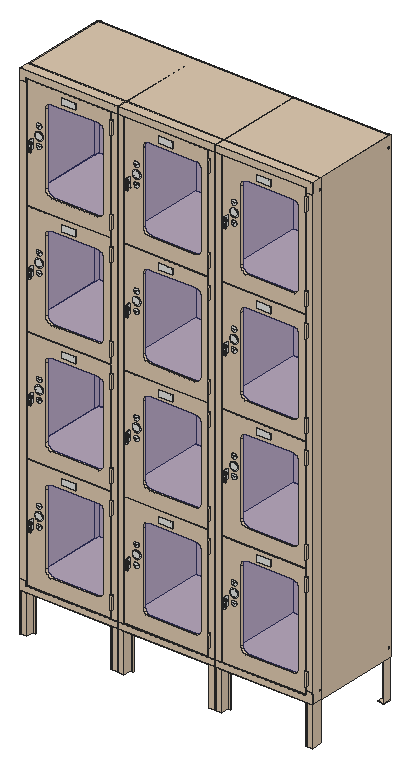
Revit family "Metal_See_Through_Lockers-Salsbury_Industries-S_54000_Series-3_Wide_Units", category Specialty Equipment, Revit 2016 (continued)
Definition of nested family "Metal Locker Legs - 3 Wide"
  Forms (in)
    Extrusion 8, solid, material <- "Primary Structure Material", visible <- "Visible"
      sketch origin (24.04, 0, 0) x (0, -1, 0) y (1, 0, 0)
        loop
          line (5.917, -16.53333) -> (7.505, -16.53333) -> (7.505, -15.53333) -> (6.32, -15.53333) -> (6.32, -15.09333) -> (6.26, -15.09333) -> (6.26, -15.59333) -> (7.445, -15.59333) -> (7.445, -16.47333) -> (5.917, -16.47333) -> (5.917, -16.53333)
      from 0 to 6
    Extrusion 9, solid, material <- "Primary Structure Material", visible <- "Visible"
      sketch origin (-12, 0, 0) x (0, -1, 0) y (1, 0, 0)
        loop
          line (5.917, 19.50667) -> (5.917, 19.44667) -> (7.445, 19.44667) -> (7.445, 18.56667) -> (6.26, 18.56667) -> (6.26, 18.06667) -> (6.32, 18.06667) -> (6.32, 18.50667) -> (7.505, 18.50667) -> (7.505, 19.50667) -> (5.917, 19.50667)
      from 0 to 6
    Extrusion 10, solid, material <- "Primary Structure Material", visible <- "Visible"
      sketch origin (-24.04, 0, 0) x (0, -1, 0) y (1, 0, 0)
        loop
          line (5.917, 16.53333) -> (5.917, 16.47333) -> (7.445, 16.47333) -> (7.445, 15.59333) -> (6.26, 15.59333) -> (6.26, 15.09333) -> (6.32, 15.09333) -> (6.32, 15.53333) -> (7.505, 15.53333) -> (7.505, 16.53333) -> (5.917, 16.53333)
      from 0 to 6
  Dimensions and locks (in)
    equal spacing: plane 6 "Left Side of Unit", plane 3 "Center (Left/Right)", plane 7 "Right Side of Unit"
    "Width": plane 6 "Left Side of Unit" to plane 7 "Right Side of Unit"
    "Height": plane 5 "Bottom of Unit" to plane 4 "Floor"
    equal spacing: plane 9 "Front of Unit", plane 1 "Center (Front/Back)", plane 8 "Back of Unit"
    "Depth": plane 9 "Front of Unit" to plane 8 "Back of Unit"
    plane 12 "Top of back legs" to plane 5 "Bottom of Unit" = 0.185"
    plane 6 "Left Side of Unit" to plane 11 "Left Side of Door Opening" = 1.000"
    plane 10 "Right Side of Door Opening" to plane 7 "Right Side of Unit" = 1.000"
    locked: plane 9 "Front of Unit" to plane 13 "Back Edge of Front Facing" at 1.588
    plane 11 "Left Side of Door Opening" to plane 14 "Inside Edge of Front Leg" = 0.440"
    plane 15 "Inside Edge of Right Leg" to plane 10 "Right Side of Door Opening" = 0.440"
    plane 9 "Front of Unit" to plane 16 = 1.185"
    plane 15 "Inside Edge of Right Leg" to plane 21 "Inside Edge or Rear Right Leg" to plane 10 "Right Side of Door Opening" to plane 18 "Right Edge of Rear Right Leg" to plane 7 "Right Side of Unit" = 0.320", 0.120", 0.880", 0.120"
    plane 6 "Left Side of Unit" to plane 19 "Left Edge or Rear Left Leg" to plane 11 "Left Side of Door Opening" to plane 22 "Inside Edge or Left Rear Leg" to plane 14 "Inside Edge of Front Leg" = 0.120", 0.880", 0.120", 0.320"
    plane 20 to plane 17 "Back Edge of Rear Legs" to plane 8 "Back of Unit" = 1.000", 0.110"
    equal spacing: plane 6 "Left Side of Unit", plane 24, plane 23, plane 7 "Right Side of Unit"
    aligned and locked: level to plane 2
    aligned and locked: Extrusion 3 to Extrusion 4
    aligned and locked: Extrusion 6 to Extrusion 5
    aligned and locked: Extrusion 3 to plane 18 "Right Edge of Rear Right Leg"
    aligned and locked: Extrusion 3 to plane 17 "Back Edge of Rear Legs"
    aligned and locked: Extrusion 5 to plane 19 "Left Edge or Rear Left Leg"
    aligned and locked: plane 17 "Back Edge of Rear Legs" to Extrusion 5
    aligned and locked: plane 5 "Bottom of Unit" to Extrusion 2
    aligned and locked: Extrusion 1 to plane 5 "Bottom of Unit"
    aligned and locked: Extrusion 3 to plane 12 "Top of back legs"
    aligned and locked: plane 12 "Top of back legs" to Extrusion 5
  Automatic sketch dimensions
    plane 13 "Back Edge of Front Facing" to Extrusion 1 sketch curve = 0.000"
    Extrusion 1 sketch curve to plane 15 "Inside Edge of Right Leg" = 0.000"
    plane 16 to Extrusion 1 sketch curve = 0.000"
    Extrusion 1 sketch curve to plane 7 "Right Side of Unit" = 0.000"
    plane 9 "Front of Unit" to Extrusion 1 sketch curve = 0.000"
    Extrusion 1 sketch curve to plane 10 "Right Side of Door Opening" = 0.000"
    Extrusion 1 sketch curve to plane 16 = 0.060"
    Extrusion 1 sketch curve to plane 9 "Front of Unit" = 0.060"
    Extrusion 1 sketch curve to plane 10 "Right Side of Door Opening" = 0.060"
    plane 7 "Right Side of Unit" to Extrusion 1 sketch curve = 0.060"
    Extrusion 2 sketch curve to plane 13 "Back Edge of Front Facing" = 0.000"
    Extrusion 2 sketch curve to plane 14 "Inside Edge of Front Leg" = 0.000"
    Extrusion 2 sketch curve to plane 16 = 0.000"
    Extrusion 2 sketch curve to plane 6 "Left Side of Unit" = 0.000"
    Extrusion 2 sketch curve to plane 9 "Front of Unit" = 0.000"
    Extrusion 2 sketch curve to plane 11 "Left Side of Door Opening" = 0.000"
    plane 16 to Extrusion 2 sketch curve = 0.060"
    plane 9 "Front of Unit" to Extrusion 2 sketch curve = 0.060"
    Extrusion 2 sketch curve to plane 11 "Left Side of Door Opening" = 0.060"
    plane 6 "Left Side of Unit" to Extrusion 2 sketch curve = 0.060"
    plane 17 "Back Edge of Rear Legs" to Extrusion 3 sketch curve = 0.000"
    Extrusion 3 sketch curve to plane 21 "Inside Edge or Rear Right Leg" = 0.000"
    Extrusion 3 sketch curve to plane 18 "Right Edge of Rear Right Leg" = 0.000"
    plane 20 to Extrusion 3 sketch curve = 0.000"
    plane 17 "Back Edge of Rear Legs" to Extrusion 3 sketch curve = 0.060"
    plane 18 "Right Edge of Rear Right Leg" to Extrusion 3 sketch curve = 0.060"
    plane 17 "Back Edge of Rear Legs" to Extrusion 4 sketch curve = 0.000"
    Extrusion 4 sketch curve to plane 18 "Right Edge of Rear Right Leg" = 0.000"
    plane 20 to Extrusion 4 sketch curve = 0.000"
    Extrusion 4 sketch curve to plane 21 "Inside Edge or Rear Right Leg" = 0.000"
    Extrusion 5 sketch curve to plane 17 "Back Edge of Rear Legs" = 0.000"
    Extrusion 5 sketch curve to plane 22 "Inside Edge or Left Rear Leg" = 0.000"
    Extrusion 5 sketch curve to plane 19 "Left Edge or Rear Left Leg" = 0.000"
    Extrusion 5 sketch curve to plane 20 = 0.000"
    Extrusion 5 sketch curve to plane 17 "Back Edge of Rear Legs" = 0.060"
    Extrusion 5 sketch curve to plane 19 "Left Edge or Rear Left Leg" = 0.060"
    Extrusion 6 sketch curve to plane 17 "Back Edge of Rear Legs" = 0.000"
    Extrusion 6 sketch curve to plane 19 "Left Edge or Rear Left Leg" = 0.000"
    Extrusion 6 sketch curve to plane 20 = 0.000"
    Extrusion 6 sketch curve to plane 22 "Inside Edge or Left Rear Leg" = 0.000"
    plane 13 "Back Edge of Front Facing" to Extrusion 7 sketch curve = 0.000"
    plane 16 to Extrusion 7 sketch curve = 0.000"
    plane 9 "Front of Unit" to Extrusion 7 sketch curve = 0.000"
    Extrusion 7 sketch curve to plane 24 = 0.000"
    plane 16 to Extrusion 7 sketch curve = 0.060"
    plane 9 "Front of Unit" to Extrusion 7 sketch curve = 0.060"
    plane 24 to Extrusion 7 sketch curve = 0.060"
    plane 24 to Extrusion 7 sketch curve = 0.940"
    Extrusion 7 sketch curve to Extrusion 7 sketch curve = 0.060"
    Extrusion 7 sketch curve to Extrusion 7 sketch curve = 0.440"
    plane 13 "Back Edge of Front Facing" to Extrusion 8 sketch curve = 0.000"
    plane 16 to Extrusion 8 sketch curve = 0.000"
    plane 9 "Front of Unit" to Extrusion 8 sketch curve = 0.000"
    Extrusion 8 sketch curve to plane 23 = 0.000"
    plane 16 to Extrusion 8 sketch curve = 0.060"
    plane 9 "Front of Unit" to Extrusion 8 sketch curve = 0.060"
    plane 23 to Extrusion 8 sketch curve = 0.060"
    plane 23 to Extrusion 8 sketch curve = 0.940"
    Extrusion 8 sketch curve to Extrusion 8 sketch curve = 0.060"
    Extrusion 8 sketch curve to Extrusion 8 sketch curve = 0.440"
    plane 13 "Back Edge of Front Facing" to Extrusion 9 sketch curve = 0.000"
    plane 16 to Extrusion 9 sketch curve = 0.000"
    plane 9 "Front of Unit" to Extrusion 9 sketch curve = 0.000"
    Extrusion 9 sketch curve to plane 23 = 0.000"
    Extrusion 9 sketch curve to plane 16 = 0.060"
    Extrusion 9 sketch curve to plane 9 "Front of Unit" = 0.060"
    plane 23 to Extrusion 9 sketch curve = 0.060"
    plane 23 to Extrusion 9 sketch curve = 0.940"
    Extrusion 9 sketch curve to Extrusion 9 sketch curve = 0.060"
    Extrusion 9 sketch curve to Extrusion 9 sketch curve = 0.440"
    plane 13 "Back Edge of Front Facing" to Extrusion 10 sketch curve = 0.000"
    plane 16 to Extrusion 10 sketch curve = 0.000"
    plane 9 "Front of Unit" to Extrusion 10 sketch curve = 0.000"
    Extrusion 10 sketch curve to plane 24 = 0.000"
    Extrusion 10 sketch curve to plane 16 = 0.060"
    Extrusion 10 sketch curve to plane 9 "Front of Unit" = 0.060"
    plane 24 to Extrusion 10 sketch curve = 0.060"
    plane 24 to Extrusion 10 sketch curve = 0.940"
    Extrusion 10 sketch curve to Extrusion 10 sketch curve = 0.060"
    Extrusion 10 sketch curve to Extrusion 10 sketch curve = 0.440"
Definition of nested family "See-Through Metal Locker Doors-15 inch with Latch Hasps"
  Parameters (values of type "Four Tier Door - 6 foot")
    Window Panel = none
    Window Height = 13.000"
    Width = 12.901"
    Visible = yes
    Primary Structure Material = none
    Top of Window Vertical Alignment = 2.180"
    Number Plate Alignment = 0.738"
    Window Width = 9.000"
    Hinge 2 Placement = 14.142"
    Hinge 1 Placement = 1.125"
    Height = 17.360"
    Hasp Plate Rivet Material = none
    Hasp Height = 1.438"
    Depth = 0.350"
  Reference planes (in)
    plane 1 "Center (Front/Back)": y = 0
    plane 2 "Bottom of Door": z = 0
    plane 3 "Center (Left/Right)": x = 0
    plane 4 "Center (Top/Bottom)": z = 8.68
    plane 5 "Top of Door": z = 17.36
    plane 6 "Right Side of Door": x = 6.4505
    plane 7 "Left Side of Door": x = -6.4505
    plane 8 "Front of Door": y = -0.175
    plane 9 "Back of Door": y = 0.175
    plane 10 "Top of Number Plate": z = 16.622
    plane 11 "Top of Window Cut Out": z = 15.18
    plane 12 "Bottom of Window Cut Out": z = 2.18
    plane 13 "Top of Hasp Alignment": z = 9.399
    plane 14 "Bottom of Hasp Alignment": z = 7.961
    plane 15 "Left Side of Window Cut Out": x = -3.5495
    plane 16 "Right Side of Window Cut Out": x = 5.4505
    plane 17 "Front of Louvers": y = -0.3625
    plane 18: z = 15.622
    plane 19 "Center Hasp": x = -1.7755
    plane 20 "Top of Hinge 2": z = 3.218
    plane 21 "Top of Hinge 1": z = 16.235
    plane 22 "Left Hasp Hole Align": x = -5.763
    plane 23 "Right Hasp Hole Align": x = -5.513
    plane 24 "Center Hasp Stud Align": z = 10.09841
    plane 25 "Top Hasp Stud Align": z = 11.51682
    plane 26 "Vertical Hasp Stud Align": x = -4.576
    plane 27 "Vertical Center Hasp Align": x = -5.63777
    plane 28 "Center of Window": x = 0.9505
    plane 29: z = 15.18
    plane 30: z = 14.18
    plane 31: z = 2.18
    plane 32: z = 3.18
    plane 33: x = -3.5495
    plane 34: x = -2.5495
    plane 35: x = 4.4505
    plane 36: x = 5.4505
    plane 37 "Left Side of Window": x = -3.7995
    plane 38 "Right Side of Window": x = 5.7005
    plane 39 "Bottom of Window": z = 1.93
    plane 40 "Top of Window": z = 15.43
    plane 41: x = -5.26277
    plane 42: x = -5.70027
  Forms (in)
    Extrusion 1, solid, material <- "Primary Structure Material", visible <- "Visible"
      sketch origin (0, 0, 0) x (1, 0, 0) y (0, 0, 1)
        loop
          line (-6.4505, 17.36) -> (-6.4505, 0) -> (6.4505, 0) -> (6.4505, 17.36) -> (-6.4505, 17.36)
        loop
          line (-3.5495, 14.18) -> (-3.5495, 3.18)
          arc (-3.5495, 3.18) -> (-3.25661, 2.47289) -> (-2.5495, 2.18) r 1
          line (-2.5495, 2.18) -> (4.4505, 2.18)
          arc (4.4505, 2.18) -> (5.15761, 2.47289) -> (5.4505, 3.18) r 1
          line (5.4505, 3.18) -> (5.4505, 14.18)
          arc (5.4505, 14.18) -> (5.15761, 14.88711) -> (4.4505, 15.18) r 1
          line (4.4505, 15.18) -> (-2.5495, 15.18)
          arc (-2.5495, 15.18) -> (-3.25661, 14.88711) -> (-3.5495, 14.18) r 1
      from -0.175 to 0.175
    Extrusion 2, solid, material <- "Primary Structure Material", visible <- "Visible", detail levels fine
      sketch origin (0, 0, 16.235) x (0, -1, 0) y (1, 0, 0)
        loop
          line (0.175, 6.4505) -> (0.3, 6.4505)
          arc (0.3, 6.4505) -> (0.425, 6.5755) -> (0.3, 6.7005) r 0.125
          line (0.3, 6.7005) -> (0.175, 6.7005) -> (0.175, 6.4505)
      from 0 to -2
    Extrusion 3, solid, material <- "Primary Structure Material", visible <- "Visible", detail levels fine
      sketch origin (0, 0, 3.218) x (0, -1, 0) y (1, 0, 0)
        loop
          line (0.175, 6.4505) -> (0.3, 6.4505)
          arc (0.3, 6.4505) -> (0.425, 6.5755) -> (0.3, 6.7005) r 0.125
          line (0.3, 6.7005) -> (0.175, 6.7005) -> (0.175, 6.4505)
      from 0 to -2
    Extrusion 4, void
      sketch origin (0, -0.175, 0) x (1, 0, 0) y (0, 0, 1)
        loop
          line (-5.763, 9.399) -> (-5.763, 7.961) -> (-5.513, 7.961) -> (-5.513, 9.399) -> (-5.763, 9.399)
      from -0.9 to 0
    Blend 5, solid, material <- "Hasp Plate Rivet Material", visible <- "Visible", detail levels medium+fine
      base sketch origin (0, -0.175, 0) x (1, 0, 0) y (0, 0, 1)
        loop
          circle (-4.576, 8.68) r 0.375
      top sketch origin (0, -0.175, 0) x (1, 0, 0) y (0, 0, 1)
        loop
          circle (-4.576, 8.68) r 0.09706
      from 0 to 0.03497
    Blend 6, solid, material <- "Hasp Plate Rivet Material", visible <- "Visible", detail levels medium+fine
      base sketch origin (0, -0.175, 2.83682) x (1, 0, 0) y (0, 0, 1)
        loop
          circle (-4.576, 8.68) r 0.375
      top sketch origin (0, -0.175, 2.83682) x (1, 0, 0) y (0, 0, 1)
        loop
          circle (-4.576, 8.68) r 0.09706
      from 0 to 0.03497
    Blend 7, solid, material <- "Hasp Plate Rivet Material", visible <- "Visible", detail levels medium+fine
      base sketch origin (0, -0.175, -0.16841) x (1, 0, 0) y (0, 0, 1)
        loop
          circle (-4.576, 10.26682) r 0.625
      top sketch origin (0, -0.175, -0.16841) x (1, 0, 0) y (0, 0, 1)
        loop
          circle (-4.576, 10.26682) r 0.58088
      from 0 to 0.03497
    Extrusion 8, solid, material <- "Hasp Plate Rivet Material", visible <- "Visible", detail levels medium+fine
      sketch origin (0, 0, 7.961) x (0, -1, 0) y (1, 0, 0)
        loop
          line (-0.175, -5.57527) -> (-0.175, -5.63777) -> (0.925, -5.63777)
          arc (0.925, -5.63777) -> (0.96919, -5.61946) -> (0.9875, -5.57527) r 0.0625
          line (0.9875, -5.57527) -> (0.9875, -5.26277) -> (0.93079, -5.26277) -> (0.93079, -5.5127)
          arc (0.93079, -5.5127) -> (0.91246, -5.55694) -> (0.86822, -5.57527) r 0.06257
          line (0.86822, -5.57527) -> (-0.175, -5.57527)
      from 0 to 1.438
    Extrusion 9, solid, material <- "Hasp Plate Rivet Material", visible <- "Visible", detail levels medium+fine
      sketch origin (0, 0, 7.961) x (0, -1, 0) y (1, 0, 0)
        loop
          line (-0.175, -5.70027) -> (0.9875, -5.70027) -> (0.9875, -5.63777) -> (-0.175, -5.63777) -> (-0.175, -5.70027)
      from 0 to 1.438
    Extrusion 10, void
      sketch origin (-5.513, 0, 0) x (0, 0, -1) y (0, -1, 0)
        loop
          circle (-8.68, 0.54719) r 0.375
      from 0 to 0.25
    Extrusion 11, solid, material <- "Window Panel"
      sketch origin (0, 0.175, 0) x (1, 0, 0) y (0, 0, 1)
        loop
          line (-3.7995, 15.43) -> (-3.7995, 1.93) -> (5.7005, 1.93) -> (5.7005, 15.43) -> (-3.7995, 15.43)
      from 0 to -0.25
    Extrusion 12, solid, material <- "Hasp Plate Rivet Material", detail levels medium+fine
      sketch origin (0, -0.175, 0) x (1, 0, 0) y (0, 0, 1)
        loop
          arc (-1.10309, 16.58622) -> (-1.12922, 16.12349) -> (-1.10309, 15.66075) r 4.11054
          arc (-1.10309, 15.66075) -> (-0.03462, 15.622) -> (1.03385, 15.66075) r 14.75
          arc (1.03385, 15.66075) -> (1.05998, 16.12349) -> (1.03385, 16.58622) r 4.11054
          arc (1.03385, 16.58622) -> (-0.03462, 16.6263) -> (-1.10309, 16.58622) r 14.26256
      from 0 to 0.03497
  Cuts and joins
    Extrusion 4 cuts Extrusion 1
    Extrusion 10 cuts Extrusion 8
    Extrusion 10 cuts Extrusion 9
  Lines and regions (in)
    symbolic lines
      curve 1: line (-6.4505, 0.175, 17.36) -> (6.4505, 0.175, 17.36)
      curve 2: line (-6.4505, 0.175, 0) -> (-6.4505, 0.175, 17.36)
      curve 3: line (6.4505, 0.175, 0) -> (-6.4505, 0.175, 0)
      curve 4: line (6.4505, 0.175, 17.36) -> (6.4505, 0.175, 0)
      curve 5: line (-2.5495, 0.175, 15.18) -> (4.4505, 0.175, 15.18)
      curve 6: line (5.4505, 0.175, 14.18) -> (5.4505, 0.175, 3.18)
      curve 7: line (4.4505, 0.175, 2.18) -> (-2.5495, 0.175, 2.18)
      curve 8: line (-3.5495, 0.175, 3.18) -> (-3.5495, 0.175, 14.18)
      curve 9: arc (-2.5495, 0.175, 2.18) -> (-3.25661, 0.175, 2.47289) -> (-3.5495, 0.175, 3.18) r 1
      curve 10: arc (4.4505, 0.175, 2.18) -> (5.15761, 0.175, 2.47289) -> (5.4505, 0.175, 3.18) r 1
      curve 11: arc (5.4505, 0.175, 14.18) -> (5.15761, 0.175, 14.88711) -> (4.4505, 0.175, 15.18) r 1
      curve 12: arc (-3.5495, 0.175, 14.18) -> (-3.25661, 0.175, 14.88711) -> (-2.5495, 0.175, 15.18) r 1
      curve 13: circle (-4.576, 0.175, 11.51682) r 0.375 normal (0, -1, 0)
      curve 14: circle (-4.576, 0.175, 8.68) r 0.375 normal (0, -1, 0)
      curve 15: circle (-4.576, 0.175, 10.09841) r 0.625 normal (0, -1, 0)
      curve 16: line (-5.763, 0.175, 9.399) -> (-5.26277, 0.175, 9.399)
      curve 17: line (-5.763, 0.175, 7.961) -> (-5.763, 0.175, 9.399)
      curve 18: line (-5.26277, 0.175, 7.961) -> (-5.763, 0.175, 7.961)
      curve 19: line (-5.26277, 0.175, 9.399) -> (-5.26277, 0.175, 7.961)
      curve 20: line (-5.70027, 0.175, 9.399) -> (-5.70027, 0.175, 7.961)
      curve 21: line (-5.70027, -0.175, 0) -> (-5.63777, -0.175, 0)
      curve 22: line (-5.70027, -0.9875, 0) -> (-5.70027, -0.175, 0)
      curve 23: line (-5.63777, -0.9875, 0) -> (-5.70027, -0.9875, 0)
      curve 24: line (-5.63777, -0.175, 0) -> (-5.63777, -0.9875, 0)
      curve 25: line (-5.57527, -0.17219, 0) -> (-5.57527, -0.86822, 0)
      curve 26: line (-5.5127, -0.93079, 0) -> (-5.26277, -0.93079, 0)
      curve 27: line (-5.26277, -0.93079, 0) -> (-5.26277, -0.9875, 0)
      curve 28: line (-5.26277, -0.9875, 0) -> (-5.57527, -0.9875, 0)
      curve 29: arc (-5.5127, -0.93079, 0) -> (-5.55694, -0.91246, 0) -> (-5.57527, -0.86822, 0) r 0.06257
      curve 30: arc (-5.57527, -0.9875, 0) -> (-5.61946, -0.96919, 0) -> (-5.63777, -0.925, 0) r 0.0625
      curve 31: line (-5.513, -0.9875, 9.399) -> (-5.513, -0.175, 9.399)
      curve 32: line (-5.513, -0.9875, 7.961) -> (-5.513, -0.9875, 9.399)
      curve 33: line (-5.513, -0.175, 7.961) -> (-5.513, -0.9875, 7.961)
      curve 34: line (-5.513, -0.175, 9.399) -> (-5.513, -0.175, 7.961)
      curve 35: circle (-5.513, -0.54225, 8.68) r 0.37994 normal (-1, 0, 0)
  Dimensions and locks (in)
    equal spacing: plane 5 "Top of Door", plane 4 "Center (Top/Bottom)", plane 2 "Bottom of Door"
    "Height": plane 5 "Top of Door" to plane 2 "Bottom of Door"
    equal spacing: plane 8 "Front of Door", plane 1 "Center (Front/Back)", plane 9 "Back of Door"
    "Depth": plane 8 "Front of Door" to plane 9 "Back of Door"
    equal spacing: plane 7 "Left Side of Door", plane 3 "Center (Left/Right)", plane 6 "Right Side of Door"
    "Width": plane 7 "Left Side of Door" to plane 6 "Right Side of Door"
    "Number Plate Alignment": plane 5 "Top of Door" to plane 10 "Top of Number Plate" to plane 18
    "Window Width": plane 15 "Left Side of Window Cut Out" to plane 16 "Right Side of Window Cut Out"
    "Top of Window Vertical Alignment": plane 5 "Top of Door" to plane 11 "Top of Window Cut Out"
    "Window Height": plane 11 "Top of Window Cut Out" to plane 12 "Bottom of Window Cut Out"
    plane 25 "Top Hasp Stud Align" to plane 24 "Center Hasp Stud Align" to plane 13 "Top of Hasp Alignment" to plane 4 "Center (Top/Bottom)" to plane 14 "Bottom of Hasp Alignment" = 1.41841", 0.69941", 0.719", 0.719"
    "Hasp Height": plane 13 "Top of Hasp Alignment" to plane 14 "Bottom of Hasp Alignment"
    locked: plane 17 "Front of Louvers" to plane 8 "Front of Door" at 0.1875
    "Hinge 1 Placement": plane 5 "Top of Door" to plane 21 "Top of Hinge 1"
    "Hinge 2 Placement": plane 5 "Top of Door" to plane 20 "Top of Hinge 2"
    plane 7 "Left Side of Door" to plane 22 "Left Hasp Hole Align" to plane 23 "Right Hasp Hole Align" to plane 26 "Vertical Hasp Stud Align" = 0.6875" locked, 0.250" locked, 0.937" locked
    equal spacing: plane 15 "Left Side of Window Cut Out", plane 28 "Center of Window", plane 16 "Right Side of Window Cut Out"
    locked: plane 16 "Right Side of Window Cut Out" to plane 6 "Right Side of Door" at 1
    plane 32 to plane 31 = 1.000"
    plane 29 to plane 30 = 1.000"
    plane 33 to plane 34 = 1.000"
    plane 35 to plane 36 = 1.000"
    locked: plane 12 "Bottom of Window Cut Out" to plane 39 "Bottom of Window" at 0.25
    locked: plane 37 "Left Side of Window" to plane 15 "Left Side of Window Cut Out" at 0.25
    locked: plane 16 "Right Side of Window Cut Out" to plane 38 "Right Side of Window" at 0.25
    locked: plane 40 "Top of Window" to plane 11 "Top of Window Cut Out" at 0.25
    plane 23 "Right Hasp Hole Align" to plane 41 = 0.25023"
    plane 22 "Left Hasp Hole Align" to plane 42 = 0.06273"
    plane 22 "Left Hasp Hole Align" to plane 27 "Vertical Center Hasp Align" = 0.12523"
    aligned and locked: level to plane 2 "Bottom of Door"
    aligned and locked: plane 5 "Top of Door" to Extrusion 1 sketch curve
    aligned and locked: Extrusion 1 sketch curve to plane 7 "Left Side of Door"
    aligned and locked: plane 2 "Bottom of Door" to Extrusion 1 sketch curve
    aligned and locked: plane 6 "Right Side of Door" to Extrusion 1 sketch curve
    aligned and locked: plane 13 "Top of Hasp Alignment" to Extrusion 4 sketch curve
    aligned and locked: Extrusion 4 sketch curve to plane 22 "Left Hasp Hole Align"
    aligned and locked: Extrusion 4 sketch curve to plane 14 "Bottom of Hasp Alignment"
    aligned and locked: plane 23 "Right Hasp Hole Align" to Extrusion 4 sketch curve
    aligned and locked: plane 25 "Top Hasp Stud Align" to Blend 6 sketch curve  (x2)
    aligned and locked: plane 4 "Center (Top/Bottom)" to Blend 5 sketch curve  (x2)
    aligned and locked: plane 24 "Center Hasp Stud Align" to Blend 7 sketch curve  (x2)
    aligned and locked: plane 27 "Vertical Center Hasp Align" to Extrusion 9 sketch curve
    aligned and locked: plane 27 "Vertical Center Hasp Align" to Extrusion 8 sketch curve
    aligned and locked: plane 4 "Center (Top/Bottom)" to Extrusion 10 sketch curve
    aligned and locked: plane 11 "Top of Window Cut Out" to plane 29
    aligned and locked: plane 12 "Bottom of Window Cut Out" to plane 31
    aligned and locked: plane 16 "Right Side of Window Cut Out" to plane 36
    aligned and locked: plane 15 "Left Side of Window Cut Out" to plane 33
    aligned and locked: Extrusion 1 sketch curve to plane 29
    aligned and locked: Extrusion 1 sketch curve to plane 30
    aligned and locked: Extrusion 1 sketch curve to plane 33
    aligned and locked: Extrusion 1 sketch curve to plane 34
    aligned and locked: plane 29 to Extrusion 1 sketch curve
    aligned and locked: plane 30 to Extrusion 1 sketch curve
    aligned and locked: Extrusion 1 sketch curve to plane 36
    aligned and locked: Extrusion 1 sketch curve to plane 35
    aligned and locked: Extrusion 1 sketch curve to plane 31
    aligned and locked: Extrusion 1 sketch curve to plane 32
    aligned and locked: plane 33 to Extrusion 1 sketch curve
    aligned and locked: plane 34 to Extrusion 1 sketch curve
    aligned and locked: plane 31 to Extrusion 1 sketch curve
    aligned and locked: plane 32 to Extrusion 1 sketch curve
    aligned and locked: plane 36 to Extrusion 1 sketch curve
    aligned and locked: plane 35 to Extrusion 1 sketch curve
    aligned and locked: cut or joined group of Extrusion 1, Extrusion 4 to plane 8 "Front of Door"
    aligned and locked: cut or joined group of Extrusion 1, Extrusion 4 to plane 9 "Back of Door"
    aligned and locked: plane 41 to cut or joined group of Extrusion 8, Extrusion 10
    aligned and locked: plane 42 to cut or joined group of Extrusion 9, Extrusion 10
    aligned and locked: plane 6 "Right Side of Door" to curve 4
    aligned and locked: plane 2 "Bottom of Door" to curve 3
    aligned and locked: curve 2 to plane 7 "Left Side of Door"
    aligned and locked: plane 5 "Top of Door" to curve 1
    aligned and locked: plane 11 "Top of Window Cut Out" to curve 5
    aligned and locked: curve 8 to plane 15 "Left Side of Window Cut Out"
    aligned and locked: plane 16 "Right Side of Window Cut Out" to curve 6
    aligned and locked: curve 7 to plane 12 "Bottom of Window Cut Out"
    aligned and locked: plane 41 to curve 19
    aligned and locked: curve 17 to plane 22 "Left Hasp Hole Align"
    aligned and locked: plane 13 "Top of Hasp Alignment" to curve 16
    aligned and locked: curve 18 to plane 14 "Bottom of Hasp Alignment"
    aligned and locked: plane 13 "Top of Hasp Alignment" to curve 20
    aligned and locked: plane 14 "Bottom of Hasp Alignment" to curve 20
    aligned and locked: plane 42 to curve 20
    aligned and locked: plane 8 "Front of Door" to curve 21
    aligned and locked: curve 22 to plane 42
    aligned and locked: plane 27 "Vertical Center Hasp Align" to curve 24
    aligned and locked: curve 25 to cut or joined group of Extrusion 8, Extrusion 10
    aligned and locked: curve 26 to cut or joined group of Extrusion 8, Extrusion 10
    aligned and locked: curve 27 to cut or joined group of Extrusion 8, Extrusion 10
    aligned and locked: curve 28 to cut or joined group of Extrusion 8, Extrusion 10
    aligned and locked: curve 34 to plane 8 "Front of Door"
    aligned and locked: curve 32 to cut or joined group of Extrusion 8, Extrusion 10
    aligned and locked: plane 13 "Top of Hasp Alignment" to curve 31
    aligned and locked: curve 33 to plane 14 "Bottom of Hasp Alignment"
  Automatic sketch dimensions
    Extrusion 2 sketch curve to plane 6 "Right Side of Door" = 0.000"
    plane 8 "Front of Door" to Extrusion 2 sketch curve = 0.000"
    Extrusion 2 sketch curve to plane 17 "Front of Louvers" = 0.0625"
    Extrusion 2 sketch curve to plane 6 "Right Side of Door" = 0.125"
    Extrusion 3 sketch curve to plane 6 "Right Side of Door" = 0.000"
    plane 8 "Front of Door" to Extrusion 3 sketch curve = 0.000"
    Extrusion 3 sketch curve to plane 17 "Front of Louvers" = 0.0625"
    Extrusion 3 sketch curve to plane 6 "Right Side of Door" = 0.125"
    plane 26 "Vertical Hasp Stud Align" to Blend 5 sketch curve = 0.000"  (x2)
    plane 26 "Vertical Hasp Stud Align" to Blend 6 sketch curve = 0.000"  (x2)
    Extrusion 8 sketch curve to plane 1 "Center (Front/Back)" = 0.175"
    plane 23 "Right Hasp Hole Align" to Extrusion 8 sketch curve = 0.06227"
    Extrusion 8 sketch curve to plane 23 "Right Hasp Hole Align" = 0.0003"
    plane 17 "Front of Louvers" to Extrusion 8 sketch curve = 0.50572"
    Extrusion 8 sketch curve to Extrusion 8 sketch curve = 0.05678"
    Extrusion 8 sketch curve to Extrusion 8 sketch curve = 0.24993"
    plane 9 "Back of Door" to Extrusion 9 sketch curve = 0.000"
    plane 17 "Front of Louvers" to Extrusion 9 sketch curve = 0.625"
    Extrusion 9 sketch curve to plane 22 "Left Hasp Hole Align" = 0.06273"
    Extrusion 8 sketch curve to Extrusion 8 sketch curve = 0.06257"
    plane 17 "Front of Louvers" to Extrusion 10 sketch curve = 0.18469"
    plane 26 "Vertical Hasp Stud Align" to Blend 7 sketch curve = 0.000"  (x2)
    plane 37 "Left Side of Window" to Extrusion 11 sketch curve = 0.000"
    plane 38 "Right Side of Window" to Extrusion 11 sketch curve = 0.000"
    Extrusion 11 sketch curve to plane 39 "Bottom of Window" = 0.000"
    plane 40 "Top of Window" to Extrusion 11 sketch curve = 0.000"
    plane 21 "Top of Hinge 1" to Extrusion 12 sketch curve = 0.11151"  (x2)
    Extrusion 12 sketch curve to plane 15 "Left Side of Window Cut Out" = 0.49894"
    Extrusion 12 sketch curve to plane 3 "Center (Left/Right)" = 0.03462"  (x2)
    Extrusion 12 sketch curve to plane 28 "Center of Window" = 2.03082"
    Extrusion 12 sketch curve to plane 12 "Bottom of Window Cut Out" = 0.18374"
    Extrusion 12 sketch curve to plane 5 "Top of Door" = 13.012"
    plane 10 "Top of Number Plate" to Extrusion 12 sketch curve = 0.03578"  (x2)
    Extrusion 12 sketch curve to plane 19 "Center Hasp" = 0.67241"
    Extrusion 12 sketch curve to plane 18 = 0.03875"
    curve 14 to plane 4 "Center (Top/Bottom)" = 0.000"
    plane 26 "Vertical Hasp Stud Align" to curve 14 = 0.000"
    curve 13 to plane 25 "Top Hasp Stud Align" = 0.000"
    plane 26 "Vertical Hasp Stud Align" to curve 13 = 0.000"
    curve 15 to plane 24 "Center Hasp Stud Align" = 0.000"
    plane 26 "Vertical Hasp Stud Align" to curve 15 = 0.000"
    plane 19 "Center Hasp" to curve 12 = 0.774"
    plane 20 "Top of Hinge 2" to curve 9 = 0.038"
    plane 11 "Top of Window Cut Out" to curve 11 = 1.000"
    plane 20 "Top of Hinge 2" to curve 10 = 0.038"
    curve 30 to curve 29 = 0.000"
    curve 29 to plane 23 "Right Hasp Hole Align" = 0.0003"
    curve 22 to curve 28 = 0.000"
    curve 25 to plane 8 "Front of Door" = 0.00281"
    plane 4 "Center (Top/Bottom)" to curve 35 = 0.000"
    plane 17 "Front of Louvers" to curve 35 = 0.17975"
    radius of Blend 5 sketch curve = 0.375"
    radius of Blend 5 sketch curve = 0.09706"
    radius of Blend 6 sketch curve = 0.375"
    radius of Blend 6 sketch curve = 0.09706"
    radius of Extrusion 10 sketch curve = 0.375"
    radius of Blend 7 sketch curve = 0.625"
    radius of Blend 7 sketch curve = 0.58088"
    radius of curve 13 = 0.375"
    radius of curve 14 = 0.375"
    radius of curve 15 = 0.625"
    radius of curve 35 = 0.37994"
Definition of nested family "Metal Locker Front Base"
  Parameters (values of type "77745 - for 15" W Lockers with Legs")
    Width = 13.013"
    Visible [instance] = yes
    Version = "1.0 (11/30/15)"
    Type Comments = "Front Base for Standard Metal Lockers"
    Primary Structure Material = none
    Model = "77745"
    MasterFormat Title = ""
    MasterFormat Number = ""
    Manufacturer = "Salsbury Industries"
    Description = "Front Base for 15\" Wide Lockers"
    Depth = 1.185"
    Height = 6.000"
    Assembly Code = ""
  Types (3): name | Width | Visible | Model | Description
    77742 - for 12" W Lockers with Legs | 10.040" | yes | "77742" | "Front Base for 12\" Wide Lockers"
    77745 - for 15" W Lockers with Legs | 13.013" | yes | "77745" | "Front Base for 15\" Wide Lockers"
    None | 10.040" | no | "77742" | "Front Base for 12\" Wide Lockers"
  Reference planes (in)
    plane 1 "Center (Front/Back)": y = -5.417
    plane 2: z = 0
    plane 3 "Center (Left/Right)": x = 0
    plane 4 "Floor": z = 0
    plane 5 "Top of Enclosure": z = 6
    plane 6 "Front of Enclosure": y = -6.005
    plane 7 "Right Side of Enclosure": x = 6.5065
    plane 8 "Left Side of Enclosure": x = -6.5065
    plane 9 "Back of Enclosure": y = -4.82
  Forms (in)
    Extrusion 1, solid, material <- "Primary Structure Material", visible <- "Visible"
      sketch origin (0, -6.005, 0) x (1, 0, 0) y (0, 0, 1)
        loop
          line (-6.5065, 6) -> (-6.5065, 0) -> (6.5065, 0) -> (6.5065, 6) -> (-6.5065, 6)
      from -0.06 to 0
    Extrusion 2, solid, material <- "Primary Structure Material", visible <- "Visible"
      sketch origin (0, 0, 0) x (0, 1, 0) y (0, 0, 1)
        loop
          line (-5.945, 6) -> (-5.945, 5.94) -> (-4.82, 5.94) -> (-4.82, 6) -> (-5.945, 6)
      from -6.5065 to 6.5065
    Extrusion 3, solid, material <- "Primary Structure Material", visible <- "Visible"
      sketch origin (6.5065, 0, 0) x (0, 0, -1) y (0, -1, 0)
        loop
          line (-5.75, 5.945) -> (-5.75, 4.82) -> (-0.25, 4.82) -> (-0.25, 5.945) -> (-5.75, 5.945)
      from 0 to 0.06
    Extrusion 4, solid, material <- "Primary Structure Material", visible <- "Visible"
      sketch origin (-6.5065, 0, 0) x (0, 0, -1) y (0, -1, 0)
        loop
          line (-5.75, 5.945) -> (-5.75, 4.82) -> (-0.25, 4.82) -> (-0.25, 5.945) -> (-5.75, 5.945)
      from 0 to -0.06
  Dimensions and locks (in)
    "Height": plane 5 "Top of Enclosure" to plane 4 "Floor"
    plane 6 "Front of Enclosure" to plane 1 "Center (Front/Back)" = 0.588"
    "Depth": plane 6 "Front of Enclosure" to plane 9 "Back of Enclosure"
    equal spacing: plane 8 "Left Side of Enclosure", plane 3 "Center (Left/Right)", plane 7 "Right Side of Enclosure"
    "Width": plane 8 "Left Side of Enclosure" to plane 7 "Right Side of Enclosure"
    aligned and locked: level to plane 2
    aligned and locked: plane 8 "Left Side of Enclosure" to Extrusion 2
    aligned and locked: Extrusion 2 to plane 7 "Right Side of Enclosure"
    aligned and locked: Extrusion 1 to plane 7 "Right Side of Enclosure"
  Automatic sketch dimensions
    Extrusion 1 sketch curve to Extrusion 1 sketch curve = 13.013"
    Extrusion 1 sketch curve to Extrusion 1 sketch curve = 6.000"
    Extrusion 2 sketch curve to Extrusion 2 sketch curve = 1.125"
    Extrusion 2 sketch curve to Extrusion 2 sketch curve = 0.060"
    Extrusion 3 sketch curve to Extrusion 3 sketch curve = 5.500"
    Extrusion 3 sketch curve to Extrusion 3 sketch curve = 1.125"
    Extrusion 4 sketch curve to Extrusion 4 sketch curve = 5.500"
    Extrusion 4 sketch curve to Extrusion 4 sketch curve = 1.125"
    Extrusion 1 sketch curve to level = 0.000"
    plane 8 "Left Side of Enclosure" to Extrusion 1 sketch curve = 0.000"
    plane 5 "Top of Enclosure" to Extrusion 2 sketch curve = 0.000"
    Extrusion 2 sketch curve to plane 9 "Back of Enclosure" = 0.000"
    Extrusion 3 sketch curve to plane 9 "Back of Enclosure" = 0.000"
    plane 5 "Top of Enclosure" to Extrusion 3 sketch curve = 0.250"
    Extrusion 4 sketch curve to plane 9 "Back of Enclosure" = 0.000"
    plane 5 "Top of Enclosure" to Extrusion 4 sketch curve = 0.250"
Definition of nested family "Metal Locker Right Side Base"
  Parameters (values of type "77732 Right - for 12" D Lockers with Legs")
    Width including Rivet [instance] = 1.290"
    Visible = yes
    Primary Structure Material = none
    Depth = 10.422"
    Version = "1.0 (11/30/15)"
    Type Comments = "End Base for Standard Metal Lockers"
    Model = "77732"
    MasterFormat Title = ""
    MasterFormat Number = ""
    Manufacturer = "Salsbury Industries"
    Description = "1.25\"W x 6\" H x 10\"D"
    Width = 1.250"
    Height = 6.000"
    Assembly Code = ""
  Types (4): name | Visible | Depth | Model | Description
    77732 Right - for 12" D Lockers with Legs | yes | 10.422" | "77732" | "1.25\"W x 6\" H x 10\"D"
    77735 Right - for 15" D Lockers with Legs | yes | 13.422" | "77735" | "1.25\"W x 6\" H x 13\"D"
    77738 Right - for 18" D Lockers with Legs | yes | 16.422" | "77738" | "1.25\"W x 6\" H x 16\"D"
    None | no | 10.422" | "" | ""
  Reference planes (in)
    plane 1 "Center (Front/Back)": y = 0
    plane 2: z = 0
    plane 3 "Center (Left/Right)": x = 5.395
    plane 4 "Floor": z = 0
    plane 5 "Top of Enclosure": z = 6
    plane 6 "Left Side of Unit": x = 4.77
    plane 7 "Right Side of Unit": x = 6.02
    plane 8 "Left Edge of Enclosure": y = -5.211
    plane 9 "Right Edge of Enclosure": y = 5.211
    plane 10 "Left Edge of Insert": y = -6.27647
    plane 11 "Right Edge of Insert": y = -5.15147
    plane 12 "Rivet Edge": x = 6.06
  Forms (in)
    Extrusion 1, solid, material <- "Primary Structure Material", visible <- "Visible"
      sketch origin (6.02, 0, 0) x (0, 0, -1) y (0, -1, 0)
        loop
          line (-6, 5.211) -> (-6, -5.211) -> (0, -5.211) -> (0, 5.211) -> (-6, 5.211)
      from 0 to 0.06
    Extrusion 2, solid, material <- "Primary Structure Material", visible <- "Visible"
      sketch origin (0, 0, 6) x (0, -1, 0) y (1, 0, 0)
        loop
          line (5.15147, 5.96) -> (5.15147, 5.9) -> (6.27647, 5.9) -> (6.27647, 5.96) -> (5.15147, 5.96)
      from -6 to 0
    Extrusion 3, solid, material <- "Primary Structure Material", visible <- "Visible"
      sketch origin (6.02, 0, 0) x (0, 0, -1) y (0, -1, 0)
        loop
          line (-6, 4.90147) -> (-6, -3.961) -> (-5.94, -3.961) -> (-5.94, 4.90147) -> (-6, 4.90147)
      from 0.06 to 1.25
    Extrusion 4, solid, material <- "Primary Structure Material", visible <- "Visible"
      sketch origin (6.02, 0, -5.94) x (0, 0, -1) y (0, -1, 0)
        loop
          line (-6, 4.90147) -> (-6, -3.961) -> (-5.94, -3.961) -> (-5.94, 4.90147) -> (-6, 4.90147)
      from 0.06 to 1.25
  Dimensions and locks (in)
    "Height": plane 5 "Top of Enclosure" to plane 4 "Floor"
    plane 10 "Left Edge of Insert" to plane 8 "Left Edge of Enclosure" to plane 11 "Right Edge of Insert" = 1.06547" locked, 0.05953" locked
    equal spacing: plane 8 "Left Edge of Enclosure", plane 1 "Center (Front/Back)", plane 9 "Right Edge of Enclosure"
    "Depth": plane 8 "Left Edge of Enclosure" to plane 9 "Right Edge of Enclosure"
    equal spacing: plane 6 "Left Side of Unit", plane 3 "Center (Left/Right)", plane 7 "Right Side of Unit"
    "Width": plane 6 "Left Side of Unit" to plane 7 "Right Side of Unit"
    locked: plane 7 "Right Side of Unit" to plane 12 "Rivet Edge" at 0.04
    "Width including Rivet": plane 6 "Left Side of Unit" to plane 12 "Rivet Edge"
    aligned and locked: level to plane 2
    aligned and locked: plane 11 "Right Edge of Insert" to Extrusion 2
    aligned and locked: plane 10 "Left Edge of Insert" to Extrusion 2
    aligned and locked: Extrusion 3 to Extrusion 1
    aligned and locked: plane 6 "Left Side of Unit" to Extrusion 3
  Automatic sketch dimensions
    plane 5 "Top of Enclosure" to Extrusion 1 sketch curve = 0.000"
    Extrusion 1 sketch curve to level = 0.000"
    Extrusion 2 sketch curve to plane 8 "Left Edge of Enclosure" = 0.05953"
    plane 7 "Right Side of Unit" to Extrusion 2 sketch curve = 0.120"
    Extrusion 2 sketch curve to Extrusion 2 sketch curve = 0.060"
    Extrusion 1 sketch curve to plane 8 "Left Edge of Enclosure" = 0.000"
    Extrusion 1 sketch curve to plane 9 "Right Edge of Enclosure" = 0.000"
    plane 10 "Left Edge of Insert" to Extrusion 2 sketch curve = 0.000"
    plane 5 "Top of Enclosure" to Extrusion 3 sketch curve = 0.000"
    Extrusion 3 sketch curve to Extrusion 3 sketch curve = 0.060"
    plane 9 "Right Edge of Enclosure" to Extrusion 3 sketch curve = 1.250"
    Extrusion 3 sketch curve to plane 11 "Right Edge of Insert" = 0.250"
    Extrusion 4 sketch curve to level = 0.000"
    level to Extrusion 4 sketch curve = 0.060"
    plane 9 "Right Edge of Enclosure" to Extrusion 4 sketch curve = 1.250"
    Extrusion 4 sketch curve to plane 11 "Right Edge of Insert" = 0.250"
Definition of nested family "Metal Locker Left Side Base"
  Parameters (values of type "77732 Left - for 12" D Lockers with Legs")
    Width including Rivet [instance] = 1.290"
    Visible = yes
    Primary Structure Material = none
    Depth = 10.422"
    Version = "1.0 (11/30/15)"
    Type Comments = "End Base for Standard Metal Lockers"
    Model = "77732"
    MasterFormat Title = ""
    MasterFormat Number = ""
    Manufacturer = "Salsbury Industries"
    Description = "1.25\"W x 6\" H x 10\"D"
    Width = 1.250"
    Height = 6.000"
    Assembly Code = ""
  Types (4): name | Visible | Depth | Model | Description
    77732 Left - for 12" D Lockers with Legs | yes | 10.422" | "77732" | "1.25\"W x 6\" H x 10\"D"
    77735 Left - for 15" D Lockers with Legs | yes | 13.422" | "77735" | "1.25\"W x 6\" H x 13\"D"
    77738 Left - for 18" D Lockers with Legs | yes | 16.422" | "77738" | "1.25\"W x 6\" H x 16\"D"
    None | no | 10.422" | "" | ""
  Reference planes (in)
    plane 1 "Center (Front/Back)": y = 0
    plane 2: z = 0
    plane 3 "Center (Left/Right)": x = 5.395
    plane 4 "Floor": z = 0
    plane 5 "Top of Enclosure": z = 6
    plane 6 "Left Side of Unit": x = 4.77
    plane 7 "Right Side of Unit": x = 6.02
    plane 8 "Left Edge of Enclosure": y = -5.211
    plane 9 "Right Edge of Enclosure": y = 5.211
    plane 10 "Left Edge of Insert": y = -6.27647
    plane 11 "Right Edge of Insert": y = -5.15147
    plane 12 "Edge of Rivet": x = 4.73
  Forms (in)
    Extrusion 1, solid, material <- "Primary Structure Material", visible <- "Visible"
      sketch origin (6.02, 0, 0) x (0, 0, -1) y (0, -1, 0)
        loop
          line (-6, 4.90147) -> (-6, -3.961) -> (-5.94, -3.961) -> (-5.94, 4.90147) -> (-6, 4.90147)
      from 0 to 1.19
    Extrusion 2, solid, material <- "Primary Structure Material", visible <- "Visible"
      sketch origin (6.02, 0, -5.94) x (0, 0, -1) y (0, -1, 0)
        loop
          line (-6, 4.90147) -> (-6, -3.961) -> (-5.94, -3.961) -> (-5.94, 4.90147) -> (-6, 4.90147)
      from 0 to 1.19
    Extrusion 3, solid, material <- "Primary Structure Material", visible <- "Visible"
      sketch origin (4.77, 0, 0) x (0, 0, -1) y (0, 1, 0)
        loop
          line (-6, -5.211) -> (0, -5.211) -> (0, 5.211) -> (-6, 5.211) -> (-6, -5.211)
      from 0 to 0.06
    Extrusion 4, solid, material <- "Primary Structure Material", visible <- "Visible"
      sketch origin (10.79, 0, 6) x (0, -1, 0) y (1, 0, 0)
        loop
          line (5.15147, -5.96) -> (6.27647, -5.96) -> (6.27647, -5.9) -> (5.15147, -5.9) -> (5.15147, -5.96)
      from -6 to 0
  Dimensions and locks (in)
    "Height": plane 5 "Top of Enclosure" to plane 4 "Floor"
    plane 10 "Left Edge of Insert" to plane 8 "Left Edge of Enclosure" to plane 11 "Right Edge of Insert" = 1.06547" locked, 0.05953" locked
    equal spacing: plane 8 "Left Edge of Enclosure", plane 1 "Center (Front/Back)", plane 9 "Right Edge of Enclosure"
    "Depth": plane 8 "Left Edge of Enclosure" to plane 9 "Right Edge of Enclosure"
    equal spacing: plane 6 "Left Side of Unit", plane 3 "Center (Left/Right)", plane 7 "Right Side of Unit"
    "Width": plane 6 "Left Side of Unit" to plane 7 "Right Side of Unit"
    "Width including Rivet": plane 12 "Edge of Rivet" to plane 7 "Right Side of Unit"
    plane 12 "Edge of Rivet" to plane 6 "Left Side of Unit" = 0.040"
    aligned and locked: level to plane 2
    aligned and locked: Extrusion 1 to Extrusion 3
    aligned and locked: Extrusion 2 to Extrusion 3
  Automatic sketch dimensions
    plane 5 "Top of Enclosure" to Extrusion 1 sketch curve = 0.000"
    Extrusion 1 sketch curve to Extrusion 1 sketch curve = 0.060"
    plane 9 "Right Edge of Enclosure" to Extrusion 1 sketch curve = 1.250"
    Extrusion 1 sketch curve to plane 11 "Right Edge of Insert" = 0.250"
    Extrusion 2 sketch curve to level = 0.000"
    level to Extrusion 2 sketch curve = 0.060"
    plane 9 "Right Edge of Enclosure" to Extrusion 2 sketch curve = 1.250"
    Extrusion 2 sketch curve to plane 11 "Right Edge of Insert" = 0.250"
    plane 5 "Top of Enclosure" to Extrusion 3 sketch curve = 0.000"
    Extrusion 3 sketch curve to level = 0.000"
    Extrusion 3 sketch curve to plane 8 "Left Edge of Enclosure" = 0.000"
    Extrusion 3 sketch curve to plane 9 "Right Edge of Enclosure" = 0.000"
    plane 11 "Right Edge of Insert" to Extrusion 4 sketch curve = 0.000"
    plane 10 "Left Edge of Insert" to Extrusion 4 sketch curve = 0.000"
    plane 6 "Left Side of Unit" to Extrusion 4 sketch curve = 0.120"
    Extrusion 4 sketch curve to Extrusion 4 sketch curve = 0.060"
Definition of nested family "Metal Locker Zee Base - 3 Wide"
  Parameters (values of type "77575 - 45"W x 15"D")
    Width = 45.040"
    Visible = yes
    Version = "1.0 (11/30/15)"
    Type Comments = "Zee Base Kit for Standard Metal Lockers - No Legs"
    Primary Structure Material = none
    Model = "77575"
    MasterFormat Title = ""
    MasterFormat Number = ""
    Manufacturer = "Salsbury Industries"
    Description = "4\" H x 6' L - for 12\" Deep Lockers (Includes 6 Foot Front Base, 2 End Bases, Corner Splicer and 4 Rear Legs)"
    Depth = 15.010"
    Height = 4.000"
    Assembly Code = ""
  Types (6): name | Width | Visible | Model | Depth
    77572- 36" W x 12" D | 36.040" | yes | "77572" | 12.010"
    77575 - 36" W x 15" D | 36.040" | yes | "77575" | 15.010"
    77578 - 36"W x 18"D | 36.040" | yes | "77578" | 18.010"
    77575 - 45"W x 15"D | 45.040" | yes | "77575" | 15.010"
    77578 - 45"W x 18"D | 45.040" | yes | "77578" | 18.010"
    None | 36.040" | no | "77572" | 12.010"
  Reference planes (in)
    plane 1 "Center (Front/Back)": y = 0
    plane 2: z = 0
    plane 3 "Center (Left/Right)": x = 0
    plane 4 "Floor": z = 0
    plane 5 "Bottom of Unit": z = 4
    plane 6 "Left Side of Unit": x = -22.52
    plane 7 "Right Side of Unit": x = 22.52
    plane 8 "Back of Unit": y = 7.505
    plane 9 "Front of Unit": y = -7.505
    plane 10 "Right Side of Door Opening": x = 21.52
    plane 11 "Left Side of Door Opening": x = -21.52
    plane 12 "Top of back legs": z = 4.185
    plane 13 "Back Edge of Front Facing": y = -5.917
    plane 14 "Inside Edge of Front Leg": x = -21.08
    plane 15 "Inside Edge of Right Leg": x = 21.08
    plane 16: y = -6.32
    plane 17 "Back Edge of Rear Legs": y = 7.395
    plane 18 "Right Edge of Rear Right Leg": x = 22.4
    plane 19 "Left Edge or Rear Left Leg": x = -22.4
    plane 20: y = 6.395
    plane 21 "Inside Edge or Rear Right Leg": x = 21.4
    plane 22 "Inside Edge or Left Rear Leg": x = -21.4
  Forms (in)
    Extrusion 1, solid, material <- "Primary Structure Material", visible <- "Visible"
      sketch origin (0, 0, 0) x (0, -1, 0) y (1, 0, 0)
        loop
          line (-7.395, 22.4) -> (-7.395, 21.4) -> (-7.335, 21.4) -> (-7.335, 22.34) -> (-6.395, 22.34) -> (-6.395, 22.4) -> (-7.395, 22.4)
      from 0.06 to 4.185
    Extrusion 2, solid, material <- "Primary Structure Material", visible <- "Visible"
      sketch origin (0, 0, 0) x (0, -1, 0) y (1, 0, 0)
        loop
          line (-7.395, 22.4) -> (-7.395, 21.4) -> (-6.395, 21.4) -> (-6.395, 22.4) -> (-7.395, 22.4)
      from 0 to 0.06
    Extrusion 3, solid, material <- "Primary Structure Material", visible <- "Visible"
      sketch origin (0, 0, 0) x (0, -1, 0) y (1, 0, 0)
        loop
          line (-7.395, -22.4) -> (-6.395, -22.4) -> (-6.395, -22.34) -> (-7.335, -22.34) -> (-7.335, -21.4) -> (-7.395, -21.4) -> (-7.395, -22.4)
      from 0.06 to 4.185
    Extrusion 4, solid, material <- "Primary Structure Material", visible <- "Visible"
      sketch origin (0, 0, 0) x (0, -1, 0) y (1, 0, 0)
        loop
          line (-7.395, -22.4) -> (-6.395, -22.4) -> (-6.395, -21.4) -> (-7.395, -21.4) -> (-7.395, -22.4)
      from 0 to 0.06
    Extrusion 5, solid, material <- "Primary Structure Material", visible <- "Visible"
      sketch origin (0, 0, 0) x (0, 1, 0) y (0, 0, 1)
        loop
          line (-7.505, 4) -> (-7.505, 3.94) -> (-5.917, 3.94) -> (-5.917, 0) -> (-4.269, 0) -> (-4.269, 0.06) -> (-5.857, 0.06) -> (-5.857, 4) -> (-7.505, 4)
      from -22.52 to 22.52
  Dimensions and locks (in)
    equal spacing: plane 6 "Left Side of Unit", plane 3 "Center (Left/Right)", plane 7 "Right Side of Unit"
    "Width": plane 6 "Left Side of Unit" to plane 7 "Right Side of Unit"
    "Height": plane 5 "Bottom of Unit" to plane 4 "Floor"
    equal spacing: plane 9 "Front of Unit", plane 1 "Center (Front/Back)", plane 8 "Back of Unit"
    "Depth": plane 9 "Front of Unit" to plane 8 "Back of Unit"
    plane 12 "Top of back legs" to plane 5 "Bottom of Unit" = 0.185"
    plane 6 "Left Side of Unit" to plane 11 "Left Side of Door Opening" = 1.000"
    plane 10 "Right Side of Door Opening" to plane 7 "Right Side of Unit" = 1.000"
    locked: plane 9 "Front of Unit" to plane 13 "Back Edge of Front Facing" at 1.588
    plane 11 "Left Side of Door Opening" to plane 14 "Inside Edge of Front Leg" = 0.440"
    plane 15 "Inside Edge of Right Leg" to plane 10 "Right Side of Door Opening" = 0.440"
    plane 9 "Front of Unit" to plane 16 = 1.185"
    plane 15 "Inside Edge of Right Leg" to plane 21 "Inside Edge or Rear Right Leg" to plane 10 "Right Side of Door Opening" to plane 18 "Right Edge of Rear Right Leg" to plane 7 "Right Side of Unit" = 0.320", 0.120", 0.880", 0.120"
    plane 6 "Left Side of Unit" to plane 19 "Left Edge or Rear Left Leg" to plane 11 "Left Side of Door Opening" to plane 22 "Inside Edge or Left Rear Leg" to plane 14 "Inside Edge of Front Leg" = 0.120", 0.880", 0.120", 0.320"
    plane 20 to plane 17 "Back Edge of Rear Legs" to plane 8 "Back of Unit" = 1.000", 0.110"
    aligned and locked: level to plane 2
    aligned and locked: Extrusion 1 to Extrusion 2
    aligned and locked: Extrusion 4 to Extrusion 3
    aligned and locked: Extrusion 1 to plane 18 "Right Edge of Rear Right Leg"
    aligned and locked: Extrusion 1 to plane 17 "Back Edge of Rear Legs"
    aligned and locked: Extrusion 3 to plane 19 "Left Edge or Rear Left Leg"
    aligned and locked: plane 17 "Back Edge of Rear Legs" to Extrusion 3
    aligned and locked: Extrusion 1 to plane 12 "Top of back legs"
    aligned and locked: plane 12 "Top of back legs" to Extrusion 3
    aligned and locked: Extrusion 5 to plane 7 "Right Side of Unit"
    aligned and locked: plane 6 "Left Side of Unit" to Extrusion 5
  Automatic sketch dimensions
    plane 17 "Back Edge of Rear Legs" to Extrusion 1 sketch curve = 0.000"
    Extrusion 1 sketch curve to plane 21 "Inside Edge or Rear Right Leg" = 0.000"
    Extrusion 1 sketch curve to plane 18 "Right Edge of Rear Right Leg" = 0.000"
    plane 20 to Extrusion 1 sketch curve = 0.000"
    plane 17 "Back Edge of Rear Legs" to Extrusion 1 sketch curve = 0.060"
    plane 18 "Right Edge of Rear Right Leg" to Extrusion 1 sketch curve = 0.060"
    plane 17 "Back Edge of Rear Legs" to Extrusion 2 sketch curve = 0.000"
    Extrusion 2 sketch curve to plane 18 "Right Edge of Rear Right Leg" = 0.000"
    plane 20 to Extrusion 2 sketch curve = 0.000"
    Extrusion 2 sketch curve to plane 21 "Inside Edge or Rear Right Leg" = 0.000"
    plane 17 "Back Edge of Rear Legs" to Extrusion 3 sketch curve = 0.000"
    Extrusion 3 sketch curve to plane 22 "Inside Edge or Left Rear Leg" = 0.000"
    Extrusion 3 sketch curve to plane 19 "Left Edge or Rear Left Leg" = 0.000"
    plane 20 to Extrusion 3 sketch curve = 0.000"
    Extrusion 3 sketch curve to plane 17 "Back Edge of Rear Legs" = 0.060"
    Extrusion 3 sketch curve to plane 19 "Left Edge or Rear Left Leg" = 0.060"
    plane 17 "Back Edge of Rear Legs" to Extrusion 4 sketch curve = 0.000"
    Extrusion 4 sketch curve to plane 19 "Left Edge or Rear Left Leg" = 0.000"
    plane 20 to Extrusion 4 sketch curve = 0.000"
    Extrusion 4 sketch curve to plane 22 "Inside Edge or Left Rear Leg" = 0.000"
    Extrusion 5 sketch curve to plane 9 "Front of Unit" = 0.000"
    Extrusion 5 sketch curve to level = 0.000"
    Extrusion 5 sketch curve to plane 13 "Back Edge of Front Facing" = 0.000"
    plane 5 "Bottom of Unit" to Extrusion 5 sketch curve = 0.000"
    Extrusion 5 sketch curve to plane 13 "Back Edge of Front Facing" = 0.060"
    Extrusion 5 sketch curve to Extrusion 5 sketch curve = 1.588"
    level to Extrusion 5 sketch curve = 0.060"
    plane 5 "Bottom of Unit" to Extrusion 5 sketch curve = 0.060"
Definition of nested family "Metal Locker Zee Base-Right Side"
  Parameters (values of type "77578 Right - 18" D")
    Width including Rivet [instance] = 1.290"
    Visible = yes
    Primary Structure Material = none
    Depth = 16.362"
    Version = "1.0 (11/30/15)"
    Type Comments = "Zee Base Kit for Standard Metal Lockers - No Legs"
    Model = "77578"
    MasterFormat Title = ""
    MasterFormat Number = ""
    Manufacturer = "Salsbury Industries"
    Description = "4\" H x 6' L - for 12\" Deep Lockers (Includes 6 Foot Front Base, 2 End Bases, Corner Splicer and 4 Rear Legs)"
    Width = 4.000"
    Height = 4.000"
    Assembly Code = ""
  Types (4): name | Visible | Depth | Type Comments | Model | Description
    77572 Right - 12" D | yes | 10.362" | "Zee Base Kit for Standard Metal Lockers - No Legs" | "77572" | "4\" H x 6' L - for 12\" Deep Lockers (Includes 6 Foot Front Base, 2 End Bases, Corner Splicer and 4 Rear Legs)"
    77575 Right - 15" D | yes | 13.362" | "Zee Base Kit for Standard Metal Lockers - No Legs" | "77575" | "4\" H x 6' L - for 12\" Deep Lockers (Includes 6 Foot Front Base, 2 End Bases, Corner Splicer and 4 Rear Legs)"
    77578 Right - 18" D | yes | 16.362" | "Zee Base Kit for Standard Metal Lockers - No Legs" | "77578" | "4\" H x 6' L - for 12\" Deep Lockers (Includes 6 Foot Front Base, 2 End Bases, Corner Splicer and 4 Rear Legs)"
    None | no | 10.362" | "End Base for Standard Metal Lockers" | "" | ""
  Reference planes (in)
    plane 1 "Center (Front/Back)": y = 0
    plane 2: z = 0
    plane 3 "Center (Left/Right)": x = 3.99
    plane 4 "Floor": z = 0
    plane 5 "Top of Enclosure": z = 4
    plane 6 "Left Edge of Insert": x = 4.77
    plane 7 "Right Side of Unit": x = 5.99
    plane 8 "Left Edge of Enclosure": y = -8.181
    plane 9 "Right Edge of Enclosure": y = 8.181
    plane 10 "Bottom Edge of Enclosure": z = 0.06
    plane 11 "Left Edge of Base": x = 1.99
  Forms (in)
    Extrusion 1, solid, material <- "Primary Structure Material", visible <- "Visible"
      sketch origin (5.99, 0, 0) x (0, 0, -1) y (0, -1, 0)
        loop
          line (-4, 6.93967) -> (-4, -6.931) -> (-3.94, -6.931) -> (-3.94, 6.93967) -> (-4, 6.93967)
      from 0.06 to 1.22
    Extrusion 2, solid, material <- "Primary Structure Material", visible <- "Visible"
      sketch origin (0, 0, 0) x (0, -1, 0) y (1, 0, 0)
        loop
          line (-8.181, 1.99) -> (-8.121, 1.99) -> (-8.121, 5.93) -> (8.121, 5.93) -> (8.121, 1.99) -> (8.181, 1.99) -> (8.181, 5.99) -> (-8.181, 5.99) -> (-8.181, 1.99)
      from 0.06 to 4
  Dimensions and locks (in)
    "Height": plane 5 "Top of Enclosure" to plane 4 "Floor"
    equal spacing: plane 8 "Left Edge of Enclosure", plane 1 "Center (Front/Back)", plane 9 "Right Edge of Enclosure"
    "Depth": plane 8 "Left Edge of Enclosure" to plane 9 "Right Edge of Enclosure"
    "Width": plane 11 "Left Edge of Base" to plane 7 "Right Side of Unit"
    equal spacing: plane 11 "Left Edge of Base", plane 3 "Center (Left/Right)", plane 7 "Right Side of Unit"
    locked: plane 4 "Floor" to plane 10 "Bottom Edge of Enclosure" at 0.06
    aligned and locked: level to plane 2
    aligned and locked: plane 6 "Left Edge of Insert" to Extrusion 1
    aligned and locked: Extrusion 2 to plane 9 "Right Edge of Enclosure"
    aligned and locked: Extrusion 2 to plane 10 "Bottom Edge of Enclosure"
    aligned and locked: plane 11 "Left Edge of Base" to Extrusion 2
  Automatic sketch dimensions
    plane 5 "Top of Enclosure" to Extrusion 1 sketch curve = 0.000"
    Extrusion 1 sketch curve to Extrusion 1 sketch curve = 0.060"
    plane 9 "Right Edge of Enclosure" to Extrusion 1 sketch curve = 1.250"
    Extrusion 1 sketch curve to plane 8 "Left Edge of Enclosure" = 1.24133"
    Extrusion 2 sketch curve to plane 7 "Right Side of Unit" = 0.000"
    plane 9 "Right Edge of Enclosure" to Extrusion 2 sketch curve = 0.000"
    plane 6 "Left Edge of Insert" to Extrusion 2 sketch curve = 2.780"  (x2)
    Extrusion 2 sketch curve to Extrusion 2 sketch curve = 0.060"
    plane 7 "Right Side of Unit" to Extrusion 2 sketch curve = 0.060"
    Extrusion 2 sketch curve to plane 8 "Left Edge of Enclosure" = 0.060"
    Extrusion 2 sketch curve to plane 8 "Left Edge of Enclosure" = 0.000"
Definition of nested family "Metal Locker Zee Base-Left Side"
  Parameters (values of type "77572 Left - 12" D")
    Width including Rivet [instance] = 1.290"
    Visible = yes
    Primary Structure Material = none
    Depth = 10.362"
    Version = "1.0 (11/30/15)"
    Type Comments = "Zee Base Kit for Standard Metal Lockers - No Legs"
    Model = "77572"
    MasterFormat Title = ""
    MasterFormat Number = ""
    Manufacturer = "Salsbury Industries"
    Description = "4\" H x 6' L - for 12\" Deep Lockers (Includes 6 Foot Front Base, 2 End Bases, Corner Splicer and 4 Rear Legs)"
    Width = 4.000"
    Height = 4.000"
    Assembly Code = ""
  Types (4): name | Visible | Depth | Type Comments | Model | Description
    77572 Left - 12" D | yes | 10.362" | "Zee Base Kit for Standard Metal Lockers - No Legs" | "77572" | "4\" H x 6' L - for 12\" Deep Lockers (Includes 6 Foot Front Base, 2 End Bases, Corner Splicer and 4 Rear Legs)"
    77575 Left - 15" D | yes | 13.362" | "Zee Base Kit for Standard Metal Lockers - No Legs" | "77575" | "4\" H x 6' L - for 12\" Deep Lockers (Includes 6 Foot Front Base, 2 End Bases, Corner Splicer and 4 Rear Legs)"
    77578 Left- 18" D | yes | 16.362" | "Zee Base Kit for Standard Metal Lockers - No Legs" | "77578" | "4\" H x 6' L - for 12\" Deep Lockers (Includes 6 Foot Front Base, 2 End Bases, Corner Splicer and 4 Rear Legs)"
    None | no | 10.362" | "End Base for Standard Metal Lockers" | "" | ""
  Reference planes (in)
    plane 1 "Center (Front/Back)": y = 0
    plane 2: z = 0
    plane 3 "Center (Left/Right)": x = 3.99
    plane 4 "Floor": z = 0
    plane 5 "Top of Enclosure": z = 4
    plane 6 "Right Side of Unit": x = 5.99
    plane 7 "Left Edge of Enclosure": y = -5.181
    plane 8 "Right Edge of Enclosure": y = 5.181
    plane 9 "Bottom Edge of Enclosure": z = 0.06
    plane 10 "Left Edge of Base": x = 1.99
    plane 11 "Right Edge of Inser": x = 3.21
  Forms (in)
    Extrusion 1, solid, material <- "Primary Structure Material", visible <- "Visible"
      sketch origin (7.98, 0, 0) x (0, -1, 0) y (1, 0, 0)
        loop
          line (-5.181, -1.99) -> (-5.181, -5.99) -> (5.181, -5.99) -> (5.181, -1.99) -> (5.121, -1.99) -> (5.121, -5.93) -> (-5.121, -5.93) -> (-5.121, -1.99) -> (-5.181, -1.99)
      from 0.06 to 4
    Extrusion 2, solid, material <- "Primary Structure Material", visible <- "Visible"
      sketch origin (1.99, 0, 0) x (0, 0, -1) y (0, 1, 0)
        loop
          line (-4, -3.93967) -> (-3.94, -3.93967) -> (-3.94, 3.931) -> (-4, 3.931) -> (-4, -3.93967)
      from 0.06 to 1.22
  Dimensions and locks (in)
    "Height": plane 5 "Top of Enclosure" to plane 4 "Floor"
    equal spacing: plane 7 "Left Edge of Enclosure", plane 1 "Center (Front/Back)", plane 8 "Right Edge of Enclosure"
    "Depth": plane 7 "Left Edge of Enclosure" to plane 8 "Right Edge of Enclosure"
    "Width": plane 10 "Left Edge of Base" to plane 6 "Right Side of Unit"
    equal spacing: plane 10 "Left Edge of Base", plane 3 "Center (Left/Right)", plane 6 "Right Side of Unit"
    locked: plane 4 "Floor" to plane 9 "Bottom Edge of Enclosure" at 0.06
